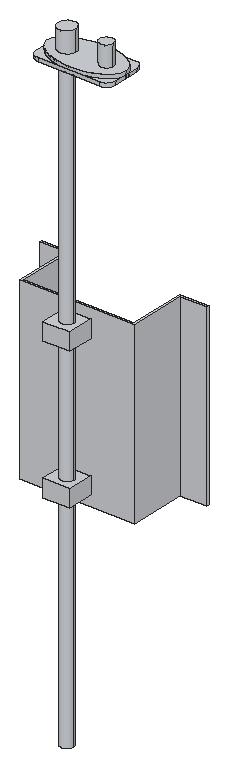
Revit family "Prier P-RH1", category Plumbing Fixtures, Revit 2012
Parameters (values of type "3/4" Outlet")
  Waste Connection = no
  Vent Connection = no
  URL = "http://www.prier.com/content/spec-sheets.html"
  Type Comments = "Rough Brass"
  Outlet Size = 3/4"
  Outlet Radius = Outlet Size / 2  # 0' - 0 3/8"
  Model = "P-RH1"
  Manufacturer = "Prier"
  Inlet Size = 3/4"
  Inlet Radius = Inlet Size / 2  # 0' - 0 3/8"
  HW Connection = no
  Code Standards = "ASSE 1019, ASSE 1052, & CUPC"
  Code Listings = "ASSE. CUPC, & IAPMO"
  CW Connection = yes
  Mounting Bracket Visibility = yes
  Bracket Offset [instance] = -1' - 6"
Types (2): name | Outlet Size | Outlet Radius
  1" Outlet | 1" | 0' - 0 1/2"
  3/4" Outlet | 3/4" | 0' - 0 3/8"
Reference planes (in)
  plane 1 "Center (Front/Back)": y = 0
  plane 2: z = 0
  plane 3 "Center (Left/Right)": x = 0
  plane 4: z = -33.125
  plane 5: z = 1.07812
  plane 6: z = 1.125
  plane 7: z = 1.17187
  plane 8: z = 1.21875
  plane 9: z = 1.26562
  plane 10: z = 1.3125
  plane 11: z = 1.35937
  plane 12: z = 1.40625
  plane 13: z = 1.45312
Forms (in)
  Extrusion 1, solid
    sketch origin (0, 0, -2.25) x (-1, 0, 0) y (0, -1, 0)
      loop
        circle (1.125, 0) r 0.375
    from 2.25 to -32.875
  Extrusion 2, solid
    sketch origin (0, 0, 0) x (1, 0, 0) y (0, 1, 0)
      loop
        circle (-1.125, 0) r 0.5
      loop
        circle (1.125, 0) r 0.375
    from 0 to 1.5
  Extrusion 3, solid
    sketch origin (0, 0, 0) x (1, 0, 0) y (0, 1, 0)
      loop
        arc (-1.75, 1.25) -> (-2.10355, 1.10355) -> (-2.25, 0.75) r 0.5
        line (-2.25, 0.75) -> (-2.25, -0.75)
        arc (-2.25, -0.75) -> (-2.10355, -1.10355) -> (-1.75, -1.25) r 0.5
        line (-1.75, -1.25) -> (1.75, -1.25)
        arc (1.75, -1.25) -> (2.10355, -1.10355) -> (2.25, -0.75) r 0.5
        line (2.25, -0.75) -> (2.25, 0.75)
        arc (2.25, 0.75) -> (2.10355, 1.10355) -> (1.75, 1.25) r 0.5
        line (1.75, 1.25) -> (-1.75, 1.25)
    from 0 to 0.187
  Extrusion 4, solid
    sketch origin (0.75, 0.25, 0) x (1, 0, 0) y (0, 1, 0)
      loop
        spline (-3, -0.25) -> (-2.92333, -0.57352) -> (-2.69856, -0.875) -> (-2.34099, -1.13388) -> (-1.875, -1.33253) -> (-1.33234, -1.45741) -> (-0.75, -1.5) -> (-0.16766, -1.45741) -> (0.375, -1.33253) -> (0.84099, -1.13388) -> (1.19856, -0.875) -> (1.42333, -0.57352) -> (1.5, -0.25)
        spline (1.5, -0.25) -> (1.42333, 0.07352) -> (1.19856, 0.375) -> (0.84099, 0.63388) -> (0.375, 0.83253) -> (-0.16766, 0.95741) -> (-0.75, 1) -> (-1.33234, 0.95741) -> (-1.875, 0.83253) -> (-2.34099, 0.63388) -> (-2.69856, 0.375) -> (-2.92333, 0.07352) -> (-3, -0.25)
    from 0 to 0.375
Lines and regions (in)
  model lines, detail levels fine
    curve 1: circle (1.125, 0, 1.07812) r 0.375 normal (0, 0, 1)
    curve 2: circle (1.125, 0, 1.125) r 0.375 normal (0, 0, 1)
    curve 3: circle (1.125, 0, 1.17187) r 0.375 normal (0, 0, 1)
    curve 4: circle (1.125, 0, 1.21875) r 0.375 normal (0, 0, 1)
    curve 5: circle (1.125, 0, 1.26562) r 0.375 normal (0, 0, 1)
    curve 6: circle (1.125, 0, 1.3125) r 0.375 normal (0, 0, 1)
    curve 7: circle (1.125, 0, 1.35937) r 0.375 normal (0, 0, 1)
    curve 8: circle (1.125, 0, 1.40625) r 0.375 normal (0, 0, 1)
    curve 9: circle (1.125, 0, 1.45312) r 0.375 normal (0, 0, 1)
  symbolic lines, style "PlumbingFixtures", detail levels fine
    curve 10: line (0.75, 0, 0.375) -> (0.75, 0, 1.5)
    curve 11: line (1.5, 0, 0.375) -> (1.5, 0, 1.5)
    curve 12: line (1.5, 0, 1.5) -> (0.75, 0, 1.5)
  reference lines
    curve 13: line (1.125, 0, 1.63356) -> (1.125, 0, 1.78799)
  symbolic lines, style "PlumbingFixtures", detail levels medium+fine
    curve 14: line (2.25, 0, 0) -> (2.25, 0, 0.375)
    curve 15: line (-2.25, 0, 0) -> (-2.25, 0, 0.375)
    curve 16: line (-2.25, 0, 0.375) -> (2.25, 0, 0.375)
    curve 17: line (-2.25, 0, 0) -> (2.25, 0, 0)
Dimensions and locks (in)
  locked: plane 2 to plane 4 at 33.125
  locked: plane 4 to Extrusion 1 at 2
  "Outlet Radius": curve 11 to curve 13
  "Outlet Radius": curve 13 to curve 10
  "Inlet Radius": radius of Extrusion 1 sketch curve
  radius of Extrusion 2 sketch curve = 0' - 0 1/2"
  "Outlet Radius": radius of Extrusion 2 sketch curve
  "Outlet Radius": radius of curve 9
  "Outlet Radius": radius of curve 8
  "Outlet Radius": radius of curve 7
  "Outlet Radius": radius of curve 6
  "Outlet Radius": radius of curve 5
  "Outlet Radius": radius of curve 4
  "Outlet Radius": radius of curve 3
  "Outlet Radius": radius of curve 2
  "Outlet Radius": radius of curve 1
  aligned and locked: level to plane 2
  aligned and locked: plane 2 to Extrusion 1
  aligned and locked: curve 14 to Extrusion 3
  aligned and locked: curve 14 to Extrusion 4
  aligned and locked: curve 16 to Extrusion 4
Automatic sketch dimensions
  plane 1 "Center (Front/Back)" to Extrusion 1 sketch curve = 0' - 0"
  Extrusion 1 sketch curve to plane 3 "Center (Left/Right)" = 0' - 1 1/8"
  plane 13 to curve 10 = 0' - 0 3/64"
  plane 13 to curve 13 = 0' - 0.33487"
  plane 3 "Center (Left/Right)" to curve 13 = 0' - 1 1/8"
  curve 13 to curve 13 = 0' - 0.15443"
  plane 1 "Center (Front/Back)" to Extrusion 2 sketch curve = 0' - 0"  (x2)
  Extrusion 2 sketch curve to plane 3 "Center (Left/Right)" = 0' - 1 1/8"
  plane 3 "Center (Left/Right)" to Extrusion 2 sketch curve = 0' - 1 1/8"
  plane 1 "Center (Front/Back)" to curve 1 = 0' - 0"
  plane 3 "Center (Left/Right)" to curve 1 = 0' - 1 1/8"
  plane 1 "Center (Front/Back)" to curve 2 = 0' - 0"
  plane 3 "Center (Left/Right)" to curve 2 = 0' - 1 1/8"
  plane 1 "Center (Front/Back)" to curve 3 = 0' - 0"
  plane 3 "Center (Left/Right)" to curve 3 = 0' - 1 1/8"
  plane 1 "Center (Front/Back)" to curve 4 = 0' - 0"
  plane 3 "Center (Left/Right)" to curve 4 = 0' - 1 1/8"
  plane 1 "Center (Front/Back)" to curve 5 = 0' - 0"
  plane 3 "Center (Left/Right)" to curve 5 = 0' - 1 1/8"
  plane 1 "Center (Front/Back)" to curve 6 = 0' - 0"
  plane 3 "Center (Left/Right)" to curve 6 = 0' - 1 1/8"
  plane 1 "Center (Front/Back)" to curve 7 = 0' - 0"
  plane 3 "Center (Left/Right)" to curve 7 = 0' - 1 1/8"
  plane 1 "Center (Front/Back)" to curve 8 = 0' - 0"
  plane 3 "Center (Left/Right)" to curve 8 = 0' - 1 1/8"
  plane 1 "Center (Front/Back)" to curve 9 = 0' - 0"
  plane 3 "Center (Left/Right)" to curve 9 = 0' - 1 1/8"
  curve 15 to level = 0' - 0"
  Extrusion 3 sketch curve to plane 1 "Center (Front/Back)" = 0' - 0 3/4"
  Extrusion 3 sketch curve to plane 3 "Center (Left/Right)" = 0' - 2 1/4"
  Extrusion 3 sketch curve to Extrusion 3 sketch curve = 0' - 0 1/2"  (x3)
  plane 3 "Center (Left/Right)" to Extrusion 3 sketch curve = 0' - 1 3/4"  (x2)
  plane 1 "Center (Front/Back)" to Extrusion 3 sketch curve = 0' - 0 3/4"
  plane 1 "Center (Front/Back)" to Extrusion 4 sketch curve = 0' - 0"
  Extrusion 4 sketch curve to plane 3 "Center (Left/Right)" = 0' - 0"
  Extrusion 4 sketch curve to Extrusion 4 sketch curve = 0' - 2 1/4"
Nested families (in)
  nested 1: "RH Bracket" at (-1.125, 4.125, -18), built-in parameter 1001364 <- "Bracket Offset", visible <- "Mounting Bracket Visibility", type "RH Bracket", detail levels medium+fine
Connectors (in)
  piping at (-1.125, 0, -35.125), driven by "Inlet Radius"
    settings: on Extrusion 1, index 2, connector radius 3/8", flow factor 0, pipe flow 0 GPM, pressure drop 0.00 psi, fitting loss kfactor 0, connector angle 0.00°, fixture units 0, engagement length 0' - 0", flow configuration 0, flow direction 1, fitting loss method 0, system type 20, joint type 0, gender type 0, connector reference index -1, connector utility 0, adjustable connector no, is connector primary yes, fitting loss table "", connector description ""
Definition of nested family "RH Bracket"
  Parameters (values of type "RH Bracket")
    Waste Connection = no
    Vent Connection = no
    URL = ""
    Type Comments = ""
    Model = ""
    Manufacturer = ""
    HW Connection = no
    CW Connection = no
  Reference planes (in)
    plane 1 "Center (Front/Back)": y = 0
    plane 2: z = 0
    plane 3 "Center (Left/Right)": x = 0
  Forms (in)
    Extrusion 1, solid
      sketch origin (0, 0, 0) x (1, 0, 0) y (0, 1, 0)
        loop
          line (-4.75, 0) -> (-4.75, -0.125) -> (-3.25, -0.125) -> (-3.25, -3.375) -> (3.25, -3.375) -> (3.25, -0.125) -> (4.75, -0.125) -> (4.75, 0) -> (3.125, 0) -> (3.125, -3.25) -> (-3.125, -3.25) -> (-3.125, 0) -> (-4.75, 0)
      from -5.0625 to 5.0625
    Extrusion 2, solid
      sketch origin (1.25, -2, 0) x (1, 0, 0) y (0, 1, 0)
        loop
          line (-0.5, -1.375) -> (-2, -1.375) -> (-2, -2.875) -> (-0.5, -2.875) -> (-0.5, -1.375)
      from -4.5 to -3.5
    Extrusion 3, solid
      sketch origin (1.25, -2, 0) x (1, 0, 0) y (0, 1, 0)
        loop
          line (-0.5, -1.375) -> (-2, -1.375) -> (-2, -2.875) -> (-0.5, -2.875) -> (-0.5, -1.375)
      from 4.5 to 3.5
  Dimensions and locks (in)
    aligned and locked: level to plane 2
